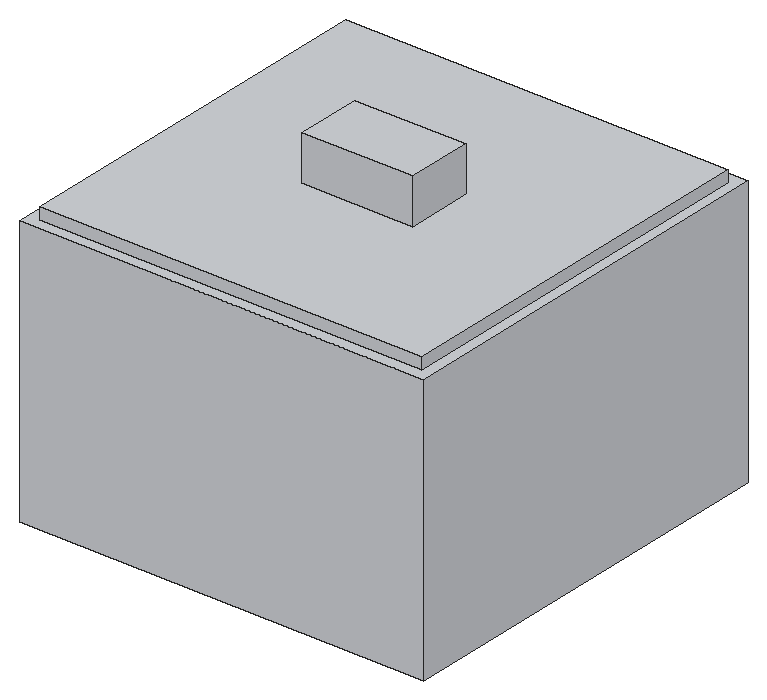
Revit family "M_Capela de condensação - Fogão", category Terminais de ar, Revit 2019
Family settings
  Cota do conector redondo = Utilizar diâmetro
  Tipo de parte = Normal
  Número OmniClass = 23.40.40.14.21.11
  Título OmniClass = Food Service Hoods
  ID de item do Seek = Condensate Hood - Oven-0000-CAN-ENU
  Com base no plano de trabalho = Não
  Sempre na vertical = Sim
  Corte com vazios quando carregada = Não
  Compartilhado = Não
  Ponto de cálculo do ambiente = Não
Parameters (values of type "Padrão")
  Queda de pressão [instance] = 100.0 Pa
  Fluxo mínimo = 0.0 L/s
  Fluxo máximo = 1510.0 L/s
  Largura da coifa [instance] = 914 mm
  Material da coifa = none
  Comprimento da coifa [instance] = 914 mm
  Largura do duto [instance] = 250 mm
  Altura do duto [instance] = 150 mm
  Fluxo de ar [instance] = 0.254 m/s * Comprimento da coifa * Largura da coifa  # 212.191 L/s
Reference planes
  plane 1 "Centro (Frente/Trás)": y = 0
  plane 2: z = 0
  plane 3 "Centro (Esquerda/Direita)": x = 0
  plane 4: x = -457
  plane 5: x = 457
  plane 6: y = 457
  plane 7: y = -457
  plane 8: x = -431.6
  plane 9: x = 431.6
  plane 10: y = 431.6
  plane 11: y = -431.6
  plane 12: x = -125
  plane 13: x = 125
  plane 14: y = 75
  plane 15: y = -75
  plane 16: z = 609.6
  plane 17: z = 635
  plane 18: z = 736.6
Forms (mm)
  Extrusion 1, solid, material <- "Material da coifa"
    sketch origin (0, 0, 0) x (1, 0, 0) y (0, 1, 0)
      loop
        line (-457, 457) -> (-457, -457) -> (457, -457) -> (457, 457) -> (-457, 457)
    from 0 to 609.6
  Extrusion 2, solid, material <- "Material da coifa"
    sketch origin (0, 0, 0) x (1, 0, 0) y (0, 1, 0)
      loop
        line (-431.6, 431.6) -> (-431.6, -431.6) -> (431.6, -431.6) -> (431.6, 431.6) -> (-431.6, 431.6)
    from 609.6 to 635
  Extrusion 3, solid, material <- "Material da coifa"
    sketch origin (0, 0, 0) x (1, 0, 0) y (0, 1, 0)
      loop
        line (-125, 75) -> (-125, -75) -> (125, -75) -> (125, 75) -> (-125, 75)
    from 635 to 736.6
Cuts and joins
  joined: Extrusion 1, Extrusion 2, Extrusion 3
Dimensions and locks
  equal spacing: plane 6, plane 1 "Centro (Frente/Trás)", plane 7
  equal spacing: plane 4, plane 3 "Centro (Esquerda/Direita)", plane 5
  "Comprimento da coifa": plane 4 to plane 5
  "Largura da coifa": plane 6 to plane 7
  locked: plane 4 to plane 8 at 25.4
  locked: plane 9 to plane 5 at 25.4
  locked: plane 11 to plane 7 at 25.4
  locked: plane 6 to plane 10 at 25.4
  equal spacing: plane 12, plane 3 "Centro (Esquerda/Direita)", plane 13
  equal spacing: plane 14, plane 1 "Centro (Frente/Trás)", plane 15
  "Largura do duto": plane 12 to plane 13
  "Altura do duto": plane 14 to plane 15
  locked: level to plane 2 at 0
  locked: plane 16 to plane 2 at 609.6
  locked: plane 17 to plane 16 at 25.4
  locked: plane 18 to plane 16 at 127
  aligned and locked: plane 4 to Extrusion 1 sketch curve
  aligned and locked: Extrusion 1 sketch curve to plane 6
  aligned and locked: plane 7 to Extrusion 1 sketch curve
  aligned and locked: Extrusion 1 sketch curve to plane 5
  aligned and locked: plane 8 to Extrusion 2 sketch curve
  aligned and locked: Extrusion 2 sketch curve to plane 10
  aligned and locked: plane 11 to Extrusion 2 sketch curve
  aligned and locked: Extrusion 2 sketch curve to plane 9
  aligned and locked: plane 12 to Extrusion 3 sketch curve
  aligned and locked: Extrusion 3 sketch curve to plane 14
  aligned and locked: plane 15 to Extrusion 3 sketch curve
  aligned and locked: Extrusion 3 sketch curve to plane 13
  aligned and locked: plane 18 to Extrusion 3
  aligned and locked: Extrusion 3 to plane 17
  aligned and locked: Extrusion 2 to Extrusion 3
  aligned and locked: Extrusion 2 to plane 16
  aligned and locked: Extrusion 1 to Extrusion 2
  aligned and locked: Extrusion 1 to level
Connectors
  hvac at (0, 0, 736.6), driven by "Queda de pressão", driven by "Fluxo de ar", driven by "Altura do duto", driven by "Largura do duto"
    settings: on Extrusion 3, index 1, duct flow 212.191 L/s, flow factor 0, pres drop 100.0 Pa, loss coef 0, conn angle 0.00°, conn width 250 mm, conn height 150 mm, conn diameter 609.6 mm, duct sys type 3, conn prof type 1, flow config 1, flow direction 2, loss method 4, conn ref index -1, conn util no, is conn primary yes, conn desc ""
